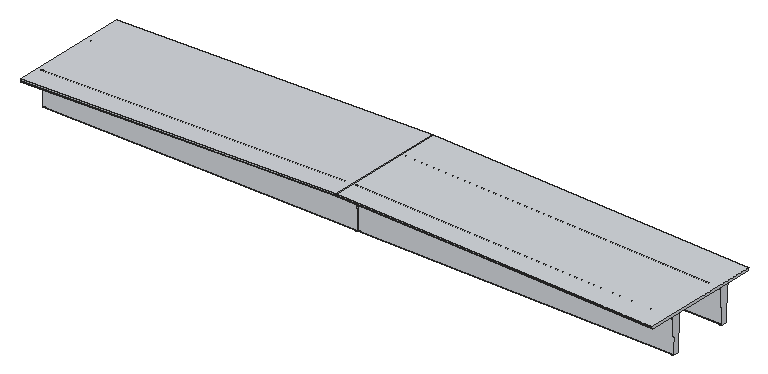
Revit family "TTS90-A_Precast-Rib deck with Slope_Spæncom", category Structural Framing, Revit 2014
Parameters (values of type "TTS 90-A")
  r2 = 10 mm  # constant formula
  r = 50 mm  # constant formula
  Type Comments = "Slope 1:40"
  TTS plate width side 2 (597mm) [instance] = 597.003 mm
  TTS plate width side 1 (597mm) [instance] = 597.003 mm
  TTS plate actual width [instance] = 2394.006 mm
  TTS height right [instance] = 743.76 mm
  TTS height left [instance] = 743.76 mm
  TTS height = 900 mm  # constant formula
  Structural Material [instance] = (empty or 0)
  Slope TTS = 1.432°  # constant formula
  Rib width = 100 mm  # constant formula
  Rib distance = 1200 mm  # constant formula
  Plate thickness = 50 mm  # constant formula
  Model = "TTS90-A"
  Manufacturer = "Spæncom"
  Length [instance] = 13000 mm
  Lenght to KIP right [instance] = 6500 mm
Reference planes
  plane 1 "Center (Front/Back)": y = 0
  plane 2 "Center Elevation": z = 0
  plane 3 "Center (Left/Right)": x = 0
  plane 4 "Left": x = -6500
  plane 5 "Member Left": x = -6250
  plane 6 "Stick Symbol Left": x = -6000
  plane 7 "Right": x = 6500
  plane 8 "Member Right": x = 6250
  plane 9 "Stick Symbol Right": x = 6000
  plane 10: y = 1197.003
  plane 11: y = -1197.003
  plane 12: y = -600
  plane 13: y = 600
  plane 14: z = 450
  plane 15: z = -450
  plane 16: through (12192, 523.921, 201.983) normal (0, 0.9992, 0.04)
  plane 17: through (12192, 656.384, -290.4) normal (0, -0.9992, 0.04)
  plane 18: through (12192, -676.079, 201.983) normal (0, 0.9992, 0.04)
  plane 19: through (12192, -543.616, -290.4) normal (0, -0.9992, 0.04)
  plane 20: z = 400
  plane 21: x = 0
Forms (mm)
  Extrusion 1, solid
    sketch origin (0, 0, 0) x (1, 0, 0) y (0, 0, 1)
      loop
        line (0, 450) -> (0, 399.984) -> (6250, 243.745) -> (6250, 293.76) -> (0, 450)
    from -1197.003 to 1197.003
  Sweep 2, void
    path in 3D
      loop
        line (-202.984, -1197.003, 405.059) -> (6494.923, -1197.003, 237.622)
    profile origin (3145.97, -1197.003, 321.34) x (0.024991, 0, 0.999688) y (0, -1, 0)
      loop
        line (0, -23) -> (19.994, -3) -> (49.984, 0) -> (0, 0) -> (0, -23)
  Sweep 3, void
    path in 3D
      loop
        line (6499.922, 1197.003, 237.497) -> (-217.979, 1197.003, 405.433)
    profile origin (3140.971, 1197.003, 321.465) x (0.024991, 0, 0.999688) y (0, 1, 0)
      loop
        line (19.994, -3) -> (49.984, 0) -> (0, 0) -> (0, -23) -> (19.994, -3)
  SweptBlend 4, solid
    path origin (0, 0, 0) x (1, 0, 0) y (0, 1, 0)
      loop
        line (6250, 600) -> (0, 600)
    profile origin (6250, 600, 0) x (0, -1, 0) y (0, 0, 1)
      loop
        line (50.384, -440.4) -> (75.83, 195.743)
        arc (75.83, 195.743) -> (91.148, 229.8) -> (125.79, 243.745) r 50
        line (125.79, 243.745) -> (-125.79, 243.745)
        arc (-125.79, 243.745) -> (-91.148, 229.8) -> (-75.83, 195.743) r 50
        line (-75.83, 195.743) -> (-50.384, -440.4)
        arc (-50.384, -440.4) -> (-47.32, -447.211) -> (-40.392, -450) r 10
        line (-40.392, -450) -> (40.392, -450)
        arc (40.392, -450) -> (47.32, -447.211) -> (50.384, -440.4) r 10
    end profile origin (0, 600, 0) x (0, -1, 0) y (0, 0, 1)
      loop
        arc (82.08, 351.998) -> (97.398, 386.055) -> (132.04, 400) r 50
        line (132.04, 400) -> (-132.04, 400)
        arc (-132.04, 400) -> (-97.398, 386.055) -> (-82.08, 351.998) r 50
        line (-82.08, 351.998) -> (-50.384, -440.4)
        arc (-50.384, -440.4) -> (-47.32, -447.211) -> (-40.392, -450) r 10
        line (-40.392, -450) -> (40.392, -450)
        arc (40.392, -450) -> (47.32, -447.211) -> (50.384, -440.4) r 10
        line (50.384, -440.4) -> (82.08, 351.998)
  SweptBlend 5, solid
    path origin (0, -1200, 0) x (1, 0, 0) y (0, 1, 0)
      loop
        line (6250, 600) -> (0, 600)
    profile origin (6250, -600, 0) x (0, -1, 0) y (0, 0, 1)
      loop
        line (50.384, -440.4) -> (75.83, 195.743)
        arc (75.83, 195.743) -> (91.148, 229.8) -> (125.79, 243.745) r 50
        line (125.79, 243.745) -> (-125.79, 243.745)
        arc (-125.79, 243.745) -> (-91.148, 229.8) -> (-75.83, 195.743) r 50
        line (-75.83, 195.743) -> (-50.384, -440.4)
        arc (-50.384, -440.4) -> (-47.32, -447.211) -> (-40.392, -450) r 10
        line (-40.392, -450) -> (40.392, -450)
        arc (40.392, -450) -> (47.32, -447.211) -> (50.384, -440.4) r 10
    end profile origin (0, -600, 0) x (0, -1, 0) y (0, 0, 1)
      loop
        arc (82.08, 351.998) -> (97.398, 386.055) -> (132.04, 400) r 50
        line (132.04, 400) -> (-132.04, 400)
        arc (-132.04, 400) -> (-97.398, 386.055) -> (-82.08, 351.998) r 50
        line (-82.08, 351.998) -> (-50.384, -440.4)
        arc (-50.384, -440.4) -> (-47.32, -447.211) -> (-40.392, -450) r 10
        line (-40.392, -450) -> (40.392, -450)
        arc (40.392, -450) -> (47.32, -447.211) -> (50.384, -440.4) r 10
        line (50.384, -440.4) -> (82.08, 351.998)
  Extrusion 6, solid
    sketch origin (0, 0, 0) x (-1, 0, 0) y (0, 0, -1)
      loop
        line (0, -450) -> (6250, -293.76) -> (6250, -243.745) -> (0, -399.984) -> (0, -450)
    from -1197.003 to 1197.003
  Sweep 7, void
    path in 3D
      loop
        line (-6492.972, -1197.003, 237.671) -> (144.955, -1197.003, 403.608)
    profile origin (-3174.008, -1197.003, 320.64) x (-0.024991, 0, 0.999688) y (0, -1, 0)
      loop
        line (0, -23) -> (19.994, -3) -> (49.984, 0) -> (0, 0) -> (0, -23)
  SweptBlend 8, solid
    path origin (0, 0, 0) x (-1, 0, 0) y (0, 1, 0)
      loop
        line (6250, 600) -> (0, 600)
    profile origin (-6250, 600, 0) x (0, 1, 0) y (0, 0, 1)
      loop
        arc (-50.384, -440.4) -> (-47.32, -447.211) -> (-40.392, -450) r 10
        line (-40.392, -450) -> (40.392, -450)
        arc (40.392, -450) -> (47.32, -447.211) -> (50.384, -440.4) r 10
        line (50.384, -440.4) -> (75.83, 195.743)
        arc (75.83, 195.743) -> (91.148, 229.8) -> (125.79, 243.745) r 50
        line (125.79, 243.745) -> (-125.79, 243.745)
        arc (-125.79, 243.745) -> (-91.148, 229.8) -> (-75.83, 195.743) r 50
        line (-75.83, 195.743) -> (-50.384, -440.4)
    end profile origin (0, 600, 0) x (0, 1, 0) y (0, 0, 1)
      loop
        line (-82.08, 351.998) -> (-50.384, -440.4)
        arc (-50.384, -440.4) -> (-47.32, -447.211) -> (-40.392, -450) r 10
        line (-40.392, -450) -> (40.392, -450)
        arc (40.392, -450) -> (47.32, -447.211) -> (50.384, -440.4) r 10
        line (50.384, -440.4) -> (82.08, 351.998)
        arc (82.08, 351.998) -> (97.398, 386.055) -> (132.04, 400) r 50
        line (132.04, 400) -> (-132.04, 400)
        arc (-132.04, 400) -> (-97.398, 386.055) -> (-82.08, 351.998) r 50
  SweptBlend 9, solid
    path origin (0, -1200, 0) x (-1, 0, 0) y (0, 1, 0)
      loop
        line (6250, 600) -> (0, 600)
    profile origin (-6250, -600, 0) x (0, 1, 0) y (0, 0, 1)
      loop
        arc (-50.384, -440.4) -> (-47.32, -447.211) -> (-40.392, -450) r 10
        line (-40.392, -450) -> (40.392, -450)
        arc (40.392, -450) -> (47.32, -447.211) -> (50.384, -440.4) r 10
        line (50.384, -440.4) -> (75.83, 195.743)
        arc (75.83, 195.743) -> (91.148, 229.8) -> (125.79, 243.745) r 50
        line (125.79, 243.745) -> (-125.79, 243.745)
        arc (-125.79, 243.745) -> (-91.148, 229.8) -> (-75.83, 195.743) r 50
        line (-75.83, 195.743) -> (-50.384, -440.4)
    end profile origin (0, -600, 0) x (0, 1, 0) y (0, 0, 1)
      loop
        line (-82.08, 351.998) -> (-50.384, -440.4)
        arc (-50.384, -440.4) -> (-47.32, -447.211) -> (-40.392, -450) r 10
        line (-40.392, -450) -> (40.392, -450)
        arc (40.392, -450) -> (47.32, -447.211) -> (50.384, -440.4) r 10
        line (50.384, -440.4) -> (82.08, 351.998)
        arc (82.08, 351.998) -> (97.398, 386.055) -> (132.04, 400) r 50
        line (132.04, 400) -> (-132.04, 400)
        arc (-132.04, 400) -> (-97.398, 386.055) -> (-82.08, 351.998) r 50
  Sweep 10, void
    path in 3D
      loop
        line (108.014, 1197.003, 402.685) -> (-6250, 1197.003, 243.745)
    profile origin (-3070.993, 1197.003, 323.215) x (-0.024991, 0, 0.999688) y (0, 1, 0)
      loop
        line (0, -23) -> (19.994, -3) -> (49.984, 0) -> (0, 0) -> (0, -23)
Cuts and joins
  Sweep 2, Sweep 3 cuts Extrusion 1
  Sweep 7, Sweep 10 cuts Extrusion 6
Lines and regions (mm)
  sketch lines
    curve 1: line (-202.984, -1197.003, 405.059) -> (6494.923, -1197.003, 237.622)
    curve 2: line (6499.922, 1197.003, 237.497) -> (-217.979, 1197.003, 405.433)
    curve 3: line (-6492.972, -1197.003, 237.671) -> (144.955, -1197.003, 403.608)
    curve 4: line (108.014, 1197.003, 402.685) -> (-6250, 1197.003, 243.745)
Dimensions and locks
  "Length": plane 4 "Left" to plane 7 "Right"
  "TTS plate actual width": plane 10 to plane 11
  "Rib distance": plane 13 to plane 12
  equal spacing: plane 13, plane 1 "Center (Front/Back)", plane 12
  equal spacing: plane 14, level, plane 15
  "TTS height": plane 14 to plane 15
  "Plate thickness": Extrusion 1 sketch curve to Extrusion 1 sketch curve
  "Plate thickness": Extrusion 6 sketch curve to Extrusion 6 sketch curve
  locked: SweptBlend 9 sketch curve to SweptBlend 9 sketch curve at 48.002
  locked: SweptBlend 9 sketch curve to cut or joined group of Extrusion 6, Sweep 7, Sweep 10 at 48.002
  "Rib width": plane 16 to plane 17
  "Rib width": plane 18 to plane 19
  equal spacing: plane 16, plane 13, plane 17
  equal spacing: plane 18, plane 12, plane 19
  locked: SweptBlend 4 sketch curve to SweptBlend 4 sketch curve at 48.002  (x2)
  locked: SweptBlend 5 sketch curve to SweptBlend 5 sketch curve at 48.002  (x2)
  "Plate thickness": plane 20 to plane 14
  plane 19 to plane 12 to plane 18 = 50 mm, 50 mm
  plane 17 to plane 13 to plane 16 = 50 mm, 50 mm
  locked: SweptBlend 8 sketch curve to SweptBlend 8 sketch curve at 48.002  (x2)
  locked: cut or joined group of Extrusion 6, Sweep 7, Sweep 10 to SweptBlend 8 sketch curve at 50.016
  "TTS height left": cut or joined group of Extrusion 6, Sweep 7, Sweep 10 to plane 15
  "TTS height right": cut or joined group of Extrusion 1, Sweep 2, Sweep 3 to plane 15
  "Lenght to KIP right": plane 21 to plane 7 "Right"
  "TTS plate width side 1 (597mm)": plane 12 to plane 11
  "TTS plate width side 2 (597mm)": plane 10 to plane 13
  "r": radius of SweptBlend 4 sketch curve  (x4)
  "r2": radius of SweptBlend 4 sketch curve  (x4)
  "r": radius of SweptBlend 5 sketch curve  (x4)
  "r2": radius of SweptBlend 5 sketch curve  (x4)
  "r": radius of SweptBlend 8 sketch curve  (x4)
  "r2": radius of SweptBlend 8 sketch curve  (x4)
  "r": radius of SweptBlend 9 sketch curve  (x4)
  "r2": radius of SweptBlend 9 sketch curve  (x4)
  "Slope TTS": angle Extrusion 1 sketch curve to plane 14
  "Slope TTS": angle plane 14 to Extrusion 6 sketch curve
  aligned and locked: level to plane 2 "Center Elevation"
  aligned and locked: Extrusion 1 to plane 11
  aligned and locked: plane 10 to Extrusion 1
  aligned and locked: Extrusion 1 to plane 8 "Member Right"
  aligned and locked: plane 8 "Member Right" to SweptBlend 5 sketch curve
  aligned and locked: Extrusion 6 to plane 5 "Member Left"
  aligned and locked: plane 5 "Member Left" to SweptBlend 9 sketch curve
  aligned and locked: plane 15 to SweptBlend 5 sketch curve
  aligned and locked: SweptBlend 5 sketch curve to plane 15
  aligned and locked: SweptBlend 4 sketch curve to SweptBlend 8  (x2)
  aligned and locked: SweptBlend 9 sketch curve to plane 15
  aligned and locked: plane 15 to SweptBlend 9 sketch curve
  aligned and locked: SweptBlend 8 sketch curve to plane 15
  aligned and locked: plane 15 to SweptBlend 8 sketch curve
  aligned and locked: plane 5 "Member Left" to SweptBlend 8 sketch curve
  aligned and locked: cut or joined group of Extrusion 1, Sweep 2, Sweep 3 to SweptBlend 4 sketch curve
  aligned and locked: plane 17 to SweptBlend 4 sketch curve  (x2)
  aligned and locked: plane 16 to SweptBlend 4 sketch curve  (x2)
  aligned and locked: plane 19 to SweptBlend 5 sketch curve  (x2)
  aligned and locked: plane 18 to SweptBlend 5 sketch curve  (x2)
  aligned and locked: cut or joined group of Extrusion 1, Sweep 2, Sweep 3 to SweptBlend 5 sketch curve
  aligned and locked: SweptBlend 8 sketch curve to plane 16  (x2)
  aligned and locked: SweptBlend 8 sketch curve to plane 17  (x2)
  aligned and locked: SweptBlend 9 sketch curve to plane 18  (x2)
  aligned and locked: SweptBlend 9 sketch curve to plane 19  (x2)
  aligned and locked: SweptBlend 9 sketch curve to plane 20
  aligned and locked: SweptBlend 8 sketch curve to plane 20
  aligned and locked: plane 20 to SweptBlend 5 sketch curve
  aligned and locked: plane 20 to SweptBlend 4 sketch curve
  aligned and locked: plane 21 to cut or joined group of Extrusion 6, Sweep 7, Sweep 10
  aligned and locked: plane 21 to cut or joined group of Extrusion 1, Sweep 2, Sweep 3
  aligned and locked: plane 21 to SweptBlend 5 sketch curve
  aligned and locked: plane 21 to SweptBlend 4 sketch curve
  aligned and locked: plane 21 to SweptBlend 9 sketch curve
  aligned and locked: plane 21 to SweptBlend 8 sketch curve
  aligned and locked: Sweep 2 to Extrusion 1
  aligned and locked: Sweep 3 to Extrusion 1
  aligned and locked: plane 10 to Extrusion 6
  aligned and locked: Extrusion 6 to plane 11
Automatic sketch dimensions
  Sweep 2 sketch curve to profile plane = 0 mm  (x2)
  Sweep 2 sketch curve to profile plane = 3 mm
  Sweep 2 sketch curve to profile plane = 19.994 mm
  Sweep 2 sketch curve to Sweep 2 sketch curve = 29.991 mm
  Sweep 2 sketch curve to profile plane = 23 mm
  Sweep 3 sketch curve to profile plane = 0 mm  (x2)
  Sweep 3 sketch curve to profile plane = 3 mm
  Sweep 3 sketch curve to profile plane = 19.994 mm
  Sweep 3 sketch curve to Sweep 3 sketch curve = 29.991 mm
  Sweep 3 sketch curve to profile plane = 23 mm
  SweptBlend 4 sketch curve to SweptBlend 4 sketch curve = 9.992 mm  (x4)
  SweptBlend 5 sketch curve to SweptBlend 5 sketch curve = 9.992 mm  (x4)
  Sweep 7 sketch curve to profile plane = 0 mm
  profile plane to Sweep 7 sketch curve = 0 mm
  Sweep 7 sketch curve to profile plane = 3 mm
  Sweep 7 sketch curve to profile plane = 19.994 mm
  Sweep 7 sketch curve to Sweep 7 sketch curve = 29.991 mm
  Sweep 7 sketch curve to profile plane = 23 mm
  SweptBlend 9 sketch curve to SweptBlend 9 sketch curve = 9.992 mm  (x4)
  SweptBlend 9 sketch curve to SweptBlend 9 sketch curve = 49.96 mm  (x3)
  SweptBlend 4 sketch curve to SweptBlend 4 sketch curve = 49.96 mm  (x2)
  SweptBlend 5 sketch curve to SweptBlend 5 sketch curve = 49.96 mm  (x2)
  SweptBlend 8 sketch curve to SweptBlend 8 sketch curve = 49.96 mm  (x2)
  SweptBlend 8 sketch curve to SweptBlend 8 sketch curve = 9.992 mm  (x4)
  Extrusion 1 sketch curve to plane 3 "Center (Left/Right)" = 0 mm
  Extrusion 1 sketch curve to plane 14 = 0 mm
  Extrusion 1 sketch curve to plane 8 "Member Right" = 0 mm
  Extrusion 6 sketch curve to plane 3 "Center (Left/Right)" = 0 mm
  plane 5 "Member Left" to Extrusion 6 sketch curve = 0 mm
  Extrusion 6 sketch curve to plane 14 = 0 mm
  SweptBlend 5 sketch curve to plane 12 = 0 mm
  SweptBlend 4 sketch curve to plane 13 = 0 mm
  SweptBlend 4 sketch curve to plane 8 "Member Right" = 0 mm
  SweptBlend 9 sketch curve to plane 12 = 0 mm
  SweptBlend 8 sketch curve to plane 13 = 0 mm
  Sweep 10 sketch curve to profile plane = 0 mm
  profile plane to Sweep 10 sketch curve = 0 mm
  Sweep 10 sketch curve to profile plane = 3 mm
  Sweep 10 sketch curve to profile plane = 19.994 mm
  Sweep 10 sketch curve to profile plane = 23 mm
  Sweep 10 sketch curve to Sweep 10 sketch curve = 29.991 mm
